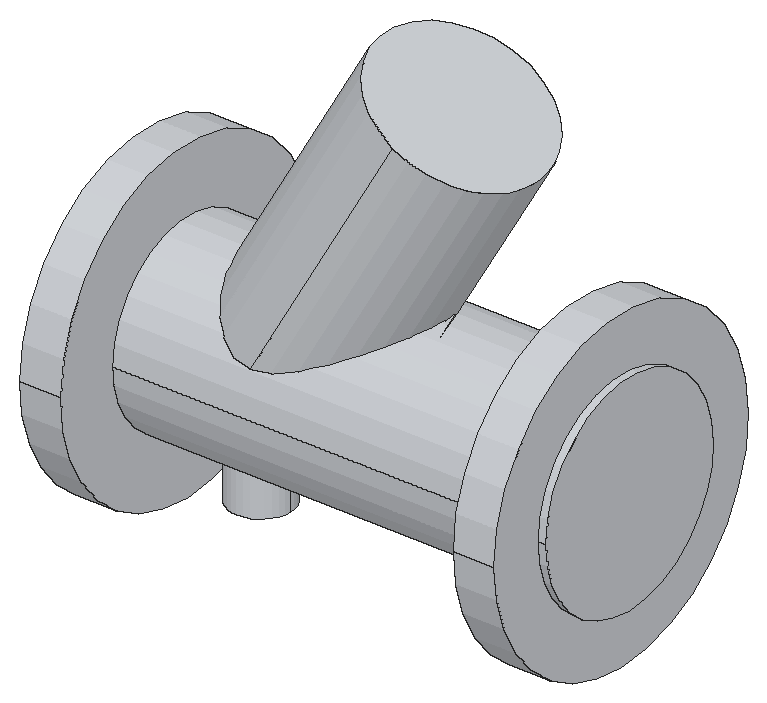
Revit family "HS 821-síto_standard-PN16-DN080-RFA_2019", category Pipe Accessories, Revit 2019
Family settings
  Round Connector Dimension = Use Diameter
  Part Type = Breaks Into
  Work Plane-Based = No
  Always vertical = Yes
  Cut with Voids When Loaded = No
  Shared = No
Parameters (values of type "821A-DN080-PN16-síto_standard")
  magiProductId = "a067f7c5236348ed8c820d16df7214"
  magiProductFamilyId = "79214ac3aaa945e397802f559f5c1e"
  magiPartTypeId = 307
  isMeasuringValve [instance] = no
  ang2D [instance] = 0.00°
  ZB__ve = -ZB  # -32 mm
  ZB1 = 53.46 mm
  ZB = 32 mm
  X2 = 104.753 mm
  X1 = 43.4 mm
  W2D = 15 mm
  VersionID = "2.0/2017.9.26.1/ZETKAMA_821_001"
  Use Minimum Symbol Size [instance] = yes
  URL = "www.hydronix.cz"
  Type Comments = "Filtr přírubový; síto standardní; A-PN16 (-10~300°C); D-PN25 (-10~350°C); F-PN40 (-10~400°C)"
  S = 132 mm
  QmdConnectorList = "301;D;302;D"
  Productdata [instance] = ""
  Manufacturer = "Hydronix"
  MC Product Code = "200 180 (821A; DN080; PN16; kvs147,4; oko síta 1,25mm)"
  LM1 = 24.8 mm
  LM = 248 mm
  L4 = 77.5 mm
  L2D_Min = 3048 mm
  L2D = 130 mm
  L2 = 155 mm
  HH2 = 181.438 mm
  FD = 200 mm
  Description = "Filtr přírubový; síto standardní; 821A-PN16; 821D-PN25; 821F-PN40"
  DM1 = 107.4 mm
  DM = 118.8 mm
  D = 80 mm
  CC = 5.27 mm
  CAT0 = yes
  C1 = 25.73 mm
  C = 31 mm
  BD = 37.422 mm
Types (40, lengths in mm): name | magiProductId | ZB__ve | ZB1 | ZB | X2 | X1 | S | MC Product Code | LM1 | LM | L4 | L2 | HH2 | FD | DM1 | DM | D | CC | C1 | C | BD
  821A-DN015-PN16-síto_standard | "a71bcfe8b393460598b23e8ddf7dc5" | -16.25 | 18.63 | 16.25 | 46.982 | 18.2 | 46 | "200 115 (821A; DN015; PN16; kvs6,3; oko síta 1,00mm)" | 10.4 | 104 | 32.5 | 65 | 81.375 | 95 | 27.6 | 41.4 | 15 | 2.21 | 10.79 | 13 | 13.041
  821A-DN020-PN16-síto_standard | "41cd6c7a12924f4991217528336076" | -17.75 | 22.68 | 17.75 | 51.673 | 21 | 56 | "200 120 (821A; DN020; PN16; kvs11,2; oko síta 1,00mm)" | 12 | 120 | 37.5 | 75 | 89.5 | 105 | 33.6 | 50.4 | 20 | 2.55 | 12.45 | 15 | 15.876
  821A-DN025-PN16-síto_standard | "be378b463ed14c3abf4c9b3ae8cf3a" | -19.25 | 26.325 | 19.25 | 58.601 | 22.4 | 65 | "200 125 (821A; DN025; PN16; kvs14,7; oko síta 1,00mm)" | 12.8 | 128 | 40 | 80 | 101.5 | 115 | 43.2 | 58.5 | 25 | 2.72 | 13.28 | 16 | 18.427
  821A-DN032-PN16-síto_standard | "227a0d18b21540afabe8b6067d35fa" | -23 | 30.78 | 23 | 68.849 | 25.2 | 76 | "200 132 (821A; DN032; PN16; kvs23,7; oko síta 1,00mm)" | 14.4 | 144 | 45 | 90 | 119.25 | 140 | 50.4 | 68.4 | 32 | 3.06 | 14.94 | 18 | 21.546
  821A-DN040-PN16-síto_standard | "d106917c74724141a10440112d0102" | -24.5 | 34.02 | 24.5 | 75.777 | 28 | 84 | "200 140 (821A; DN040; PN16; kvs37,7; oko síta 1,00mm)" | 16 | 160 | 50 | 100 | 131.25 | 150 | 60 | 75.6 | 40 | 3.4 | 16.6 | 20 | 23.814
  821A-DN050-PN16-síto_standard | "8255d456a09e4f6486734f5dd9171b" | -26.75 | 40.095 | 26.75 | 79.061 | 32.2 | 99 | "200 150 (821A; DN050 PN16; kvs57,9; oko síta 1,00mm)" | 18.4 | 184 | 57.5 | 115 | 136.938 | 165 | 73.8 | 89.1 | 50 | 3.91 | 19.09 | 23 | 28.066
  821A-DN065-PN16-síto_standard | "235b1b3e4c0843779a4d5e3716d40a" | -29.75 | 47.79 | 29.75 | 86.927 | 40.6 | 118 | "200 165 (821A; DN065; PN16; kvs101,5; oko síta 1,25mm)" | 23.2 | 232 | 72.5 | 145 | 150.562 | 185 | 94.2 | 106.2 | 65 | 4.93 | 24.07 | 29 | 33.453
  821A-DN080-PN16-síto_standard | "a067f7c5236348ed8c820d16df7214" | -32 | 53.46 | 32 | 104.753 | 43.4 | 132 | "200 180 (821A; DN080; PN16; kvs147,4; oko síta 1,25mm)" | 24.8 | 248 | 77.5 | 155 | 181.438 | 200 | 107.4 | 118.8 | 80 | 5.27 | 25.73 | 31 | 37.422
  821A-DN100-PN16-síto_standard | "c49a648c2747461285837d643703cd" | -35 | 63.18 | 35 | 114.857 | 49 | 156 | "200 190 (821A; DN100; PN16; kvs209,6; oko síta 1,60mm)" | 28 | 280 | 87.5 | 175 | 198.937 | 220 | 131.4 | 140.4 | 100 | 5.95 | 29.05 | 35 | 44.226
  821A-DN125-PN16-síto_standard | "bf68e728a163493cbd2a663b26ebdc" | -39.5 | 74.52 | 39.5 | 131.888 | 56 | 184 | "200 191 (821A; DN125; PN16; kvs326,2; oko síta 1,60mm)" | 32 | 320 | 100 | 200 | 228.438 | 250 | 165 | 165.6 | 125 | 6.8 | 33.2 | 40 | 52.164
  821A-DN150-PN16-síto_standard | "2de770284b654863ae6bc865769dc5" | -44.75 | 85.455 | 44.75 | 155.885 | 67.2 | 211 | "200 192 (821A; DN150; PN16; kvs403; oko síta 1,60mm)" | 38.4 | 384 | 120 | 240 | 270 | 285 | 192 | 189.9 | 150 | 8.16 | 39.84 | 48 | 59.818
  821A-DN200-PN16-síto_standard | "8e5693371ab64aabb29a7f08c76e15" | -53 | 107.73 | 53 | 188.361 | 84 | 266 | "200 193 (821A; DN200; PN16; kvs707; oko síta 1,60mm)" | 48 | 480 | 150 | 300 | 326.25 | 340 | 252 | 239.4 | 200 | 10.2 | 49.8 | 60 | 75.411
  821A-DN250-PN16-síto_standard | "05e37ed948c34047acdd4c42556504" | -62.75 | 129.195 | 62.75 | 255.911 | 102.2 | 319 | "200 194 (821A; DN250; PN16; kvs1234; oko síta 1,60mm)" | 58.4 | 584 | 182.5 | 365 | 443.25 | 405 | 309.6 | 287.1 | 250 | 12.41 | 60.59 | 73 | 90.436
  821A-DN300-PN16-síto_standard | "9ad0af747269428da925480d83ce80" | -71 | 149.85 | 71 | 325.914 | 119 | 370 | "200 195 (821A; DN300; PN16; kvs1916; oko síta 1,60mm)" | 68 | 680 | 212.5 | 425 | 564.5 | 460 | 369.6 | 333 | 300 | 14.45 | 70.55 | 85 | 104.895
  821A-DN350-PN16-síto_standard | "eebc71459bb3451bb4355e7951370a" | -80 | 173.745 | 80 | 356.875 | 137.2 | 429 | "200 196 (821A; DN350; PN16; kvs2621; oko síta 1,60mm)" | 78.4 | 784 | 245 | 490 | 618.125 | 520 | 438 | 386.1 | 350 | 16.66 | 81.34 | 98 | 121.621
  821A-DN400-PN16-síto_standard | "d2f677cb196647e385b2590e7d8abe" | -89 | 194.4 | 89 | 392.237 | 154 | 480 | "200 197 (821A; DN400; PN16; kvs3460; oko síta 1,60mm)" | 88 | 880 | 275 | 550 | 679.375 | 580 | 498 | 432 | 400 | 18.7 | 91.3 | 110 | 136.08
  821D-DN015-PN25-síto_standard | "27ddcbf555414f8ca1fde329bf9087" | -16.25 | 18.63 | 16.25 | 46.982 | 18.2 | 46 | "200 215 (821D; DN015; PN25; kvs6,3; oko síta 1,00mm)" | 10.4 | 104 | 32.5 | 65 | 81.375 | 95 | 27.6 | 41.4 | 15 | 2.21 | 10.79 | 13 | 13.041
  821D-DN020-PN25-síto_standard | "270e0f14012f47189cd0235c18faee" | -17.75 | 22.68 | 17.75 | 51.673 | 21 | 56 | "200 220 (821D; DN020; PN25; kvs11,2; oko síta 1,00mm)" | 12 | 120 | 37.5 | 75 | 89.5 | 105 | 33.6 | 50.4 | 20 | 2.55 | 12.45 | 15 | 15.876
  821D-DN025-PN25-síto_standard | "b9a7fb4aa36643878c637d8e1ab992" | -19.25 | 26.325 | 19.25 | 58.601 | 22.4 | 65 | "200 225 (821D; DN025; PN25; kvs14,7; oko síta 1,00mm)" | 12.8 | 128 | 40 | 80 | 101.5 | 115 | 43.2 | 58.5 | 25 | 2.72 | 13.28 | 16 | 18.427
  821D-DN032-PN25-síto_standard | "6be9a55c4e68400f94eec7e804204c" | -23 | 30.78 | 23 | 68.849 | 25.2 | 76 | "200 232 (821D; DN032; PN25; kvs23,7; oko síta 1,00mm)" | 14.4 | 144 | 45 | 90 | 119.25 | 140 | 50.4 | 68.4 | 32 | 3.06 | 14.94 | 18 | 21.546
  821D-DN040-PN25-síto_standard | "c54511bd7f584ec2984291479612cb" | -24.5 | 34.02 | 24.5 | 75.777 | 28 | 84 | "200 240 (821D; DN040; PN25; kvs37,7; oko síta 1,00mm)" | 16 | 160 | 50 | 100 | 131.25 | 150 | 60 | 75.6 | 40 | 3.4 | 16.6 | 20 | 23.814
  821D-DN050-PN25-síto_standard | "5483b1f596b04cd39b23a14a22c90e" | -26.75 | 40.095 | 26.75 | 79.061 | 32.2 | 99 | "200 250 (821D; DN050; PN25; kvs57,9; oko síta 1,00mm)" | 18.4 | 184 | 57.5 | 115 | 136.938 | 165 | 73.8 | 89.1 | 50 | 3.91 | 19.09 | 23 | 28.066
  821D-DN065-PN25-síto_standard | "767b0f8318e94750bc7a9930ed5b30" | -29.75 | 47.79 | 29.75 | 86.927 | 40.6 | 118 | "200 265 (821D; DN065; PN25; kvs101,5; oko síta 1,25mm)" | 23.2 | 232 | 72.5 | 145 | 150.562 | 185 | 94.2 | 106.2 | 65 | 4.93 | 24.07 | 29 | 33.453
  821D-DN080-PN25-síto_standard | "e21040fa3cc2404b858198f6b73709" | -32 | 53.46 | 32 | 104.753 | 43.4 | 132 | "200 280 (821D; DN080; PN25; kvs147,4; oko síta 1,25mm)" | 24.8 | 248 | 77.5 | 155 | 181.438 | 200 | 107.4 | 118.8 | 80 | 5.27 | 25.73 | 31 | 37.422
  821D-DN100-PN25-síto_standard | "175ca87a506b40b3bc6b82f12f33cf" | -37.25 | 63.18 | 37.25 | 114.857 | 49 | 156 | "200 290 (821D; DN100; PN25; kvs209,6; oko síta 1,60mm)" | 28 | 280 | 87.5 | 175 | 198.937 | 235 | 131.4 | 140.4 | 100 | 5.95 | 29.05 | 35 | 44.226
  821D-DN125-PN25-síto_standard | "77cc98d60da24855999a22dff726b2" | -42.5 | 74.52 | 42.5 | 131.888 | 56 | 184 | "200 291 (821D; DN125; PN25; kvs326,2; oko síta 1,60mm)" | 32 | 320 | 100 | 200 | 228.438 | 270 | 165 | 165.6 | 125 | 6.8 | 33.2 | 40 | 52.164
  821D-DN150-PN25-síto_standard | "9cf8acfcd15547d68e83172d3abcbe" | -47 | 85.455 | 47 | 155.885 | 67.2 | 211 | "200 292 (821D; DN150; PN25; kvs403; oko síta 1,60mm)" | 38.4 | 384 | 120 | 240 | 270 | 300 | 192 | 189.9 | 150 | 8.16 | 39.84 | 48 | 59.818
  821D-DN200-PN25-síto_standard | "16973f3c9ea14389ba8602495a6b64" | -56 | 110.97 | 56 | 188.361 | 84 | 274 | "200 293 (821D; DN200; PN25; kvs707; oko síta 1,60mm)" | 48 | 480 | 150 | 300 | 326.25 | 360 | 252 | 246.6 | 200 | 10.2 | 49.8 | 60 | 77.679
  821F-DN015-PN40-síto_standard | "4c7eaf3c4c0340888b3e684d8a8616" | -16.25 | 18.225 | 16.25 | 46.982 | 18.2 | 45 | "240 615 (821F; DN015; PN40; kvs6,3; oko síta 1,00mm)" | 10.4 | 104 | 32.5 | 65 | 81.375 | 95 | 27.6 | 40.5 | 15 | 2.21 | 10.79 | 13 | 12.757
  821F-DN020-PN40-síto_standard | "aaac5f1ec96b44d6ba96ac2293d66d" | -17.75 | 23.49 | 17.75 | 51.673 | 21 | 58 | "240 620 (821F; DN020; PN40; kvs11,2; oko síta 1,00mm)" | 12 | 120 | 37.5 | 75 | 89.5 | 105 | 33.6 | 52.2 | 20 | 2.55 | 12.45 | 15 | 16.443
  821F-DN025-PN40-síto_standard | "504768023968471481789485b54c7e" | -19.25 | 27.54 | 19.25 | 58.601 | 22.4 | 68 | "240 625 (821F; DN025; PN40; kvs14,7; oko síta 1,00mm)" | 12.8 | 128 | 40 | 80 | 101.5 | 115 | 43.2 | 61.2 | 25 | 2.72 | 13.28 | 16 | 19.278
  821F-DN032-PN40-síto_standard | "165e7f39cf744f329bdf1c400dad12" | -23 | 31.59 | 23 | 68.849 | 25.2 | 78 | "240 632 (821F; DN032; PN40; kvs23,7; oko síta 1,00mm)" | 14.4 | 144 | 45 | 90 | 119.25 | 140 | 50.4 | 70.2 | 32 | 3.06 | 14.94 | 18 | 22.113
  821F-DN040-PN40-síto_standard | "b8903f952089408fbf3a5a632bab1f" | -24.5 | 35.64 | 24.5 | 75.777 | 28 | 88 | "240 640 (821F; DN040; PN40; kvs37,7; oko síta 1,00mm)" | 16 | 160 | 50 | 100 | 131.25 | 150 | 60 | 79.2 | 40 | 3.4 | 16.6 | 20 | 24.948
  821F-DN050-PN40-síto_standard | "c451f97266fe48da8f879cb6a2bd44" | -26.75 | 41.31 | 26.75 | 79.061 | 32.2 | 102 | "240 650 (821F; DN050; PN40; kvs57,9; oko síta 1,00mm)" | 18.4 | 184 | 57.5 | 115 | 136.938 | 165 | 73.8 | 91.8 | 50 | 3.91 | 19.09 | 23 | 28.917
  821F-DN065-PN40-síto_standard | "dc9821e3f9b34e128f6a8c6b34c198" | -29.75 | 49.41 | 29.75 | 86.927 | 40.6 | 122 | "240 665 (821F; DN065; PN40; kvs101,5; oko síta 1,25mm)" | 23.2 | 232 | 72.5 | 145 | 150.562 | 185 | 94.2 | 109.8 | 65 | 4.93 | 24.07 | 29 | 34.587
  821F-DN080-PN40-síto_standard | "689aa1e260f84cf4994f027a1d86b5" | -32 | 55.89 | 32 | 104.753 | 43.4 | 138 | "240 680 (821F; DN080; PN40; kvs147,4; oko síta 1,25mm)" | 24.8 | 248 | 77.5 | 155 | 181.438 | 200 | 107.4 | 124.2 | 80 | 5.27 | 25.73 | 31 | 39.123
  821F-DN100-PN40-síto_standard | "8a45d4e8e2ab425f8c432f21d684f3" | -37.25 | 65.61 | 37.25 | 114.857 | 49 | 162 | "240 690 (821F; DN100; PN40; kvs209,6; oko síta 1,6mm)" | 28 | 280 | 87.5 | 175 | 198.937 | 235 | 131.4 | 145.8 | 100 | 5.95 | 29.05 | 35 | 45.927
  821F-DN125-PN40-síto_standard | "cf073904c006406b8645afa67ea2fc" | -42.5 | 76.14 | 42.5 | 131.888 | 56 | 188 | "240 691 (821F; DN125; PN40; kvs326,2; oko síta 1,6mm)" | 32 | 320 | 100 | 200 | 228.438 | 270 | 165 | 169.2 | 125 | 6.8 | 33.2 | 40 | 53.298
  821F-DN150-PN40-síto_standard | "0153b9ddabe14992a630484929fdbc" | -47 | 88.29 | 47 | 155.885 | 67.2 | 218 | "240 692 (821F; DN150; PN40; kvs403; oko síta 1,6mm)" | 38.4 | 384 | 120 | 240 | 270 | 300 | 192 | 196.2 | 150 | 8.16 | 39.84 | 48 | 61.803
  821F-DN200-PN40-síto_standard | "7fb3fc01dd8d42428c203e3f8dd4d5" | -56 | 115.425 | 56 | 188.361 | 84 | 285 | "240 693 (821F; DN200; PN40; kvs707; oko síta 1,6mm)" | 48 | 480 | 150 | 300 | 326.25 | 360 | 252 | 256.5 | 200 | 10.2 | 49.8 | 60 | 80.797
Reference planes
  plane 1 "Center (Front/Back)": y = 0
  plane 2 "XYPLANE": z = 0
  plane 3 "Center (Left/Right)": x = 0
  plane 4 "109": x = -99.2
  plane 5 "108": x = 124
  plane 6 "107": x = -124
  plane 7 "105": x = 155
  plane 8 "104": x = -155
  plane 9 "103": y = 0
  plane 10 "102": z = 0
  plane 11 "101": x = -149.73
  plane 12 "100": x = 149.73
  plane 13 "11": x = -55.8
  plane 14 "10": z = 181.438
  plane 15 "9": x = 48.953
  plane 16 "5": z = -53.46
  plane 17 "4": x = -77.5
  plane 18 "1": x = 77.5
Forms (mm)
  Extrusion 1, solid, visible <- "CAT0"
    sketch origin (-124, -750, 0) x (0, 1, 0) y (0, 0, 1)
      loop
        circle (750, 0) r 59.4
    from 0 to 248 <- "LM"
  Extrusion 2, solid
    sketch origin (-155, -750, 0) x (0, 1, 0) y (0, 0, 1)
      loop
        circle (750, 0) r 66
    from 0 to 5.27 <- "CC"
  Extrusion 3, solid
    sketch origin (-149.73, -750, 0) x (0, 1, 0) y (0, 0, 1)
      loop
        circle (750, 0) r 100
    from 0 to 25.73 <- "C1"
  Extrusion 4, solid
    sketch origin (124, -750, 0) x (0, 1, 0) y (0, 0, 1)
      loop
        circle (750, 0) r 100
    from 0 to 25.73 <- "C1"
  Extrusion 5, solid
    sketch origin (149.73, -750, 0) x (0, 1, 0) y (0, 0, 1)
      loop
        circle (750, 0) r 66
    from 0 to 5.27 <- "CC"
  Sweep 6, solid, visible <- "CAT0"
    path origin (750, 0, 0) x (-1, 0, 0) y (0, 0, 1)
      loop
        line (874, 0) -> (805.8, 0) -> (701.047, 181.438)
    profile origin (-124, 0, 0) x (0, 0, -1) y (0, 1, 0)
      loop
        circle (0, 0) r 53.7
  Extrusion 7, solid, visible <- "CAT0"
    sketch origin (-750, 0, -53.46) x (1, 0, 0) y (0, 1, 0)
      loop
        circle (672.5, 0) r 18.711
    from 0 to -32 <- "ZB__ve"
  Extrusion 8, solid, visible <- "CAT0"
    sketch origin (-750, 0, -53.46) x (1, 0, 0) y (0, 1, 0)
      loop
        circle (827.5, 0) r 18.711
    from 0 to -32 <- "ZB__ve"
  Extrusion 9, solid, not visible
    sketch origin (155, -750, 0) x (0, 1, 0) y (0, 0, 1)
      loop
        circle (750, 0) r 10
    from 0 to -10
  Extrusion 10, solid, not visible
    sketch origin (-155, -750, 0) x (0, 1, 0) y (0, 0, 1)
      loop
        circle (750, 0) r 10
    from 0 to 10
Lines and regions (mm)
  reference lines, not visible
    curve 1: circle (2, 2, 0) r 1 normal (0, 0, 1)
Dimensions and locks
  plane 1 "Center (Front/Back)" to curve 1 = 2 mm
  "LM1": plane 6 "107" to plane 4 "109"
  "LM": plane 6 "107" to plane 5 "108"
  "C": plane 8 "104" to plane 6 "107"
  "L2": plane 3 "Center (Left/Right)" to plane 7 "105"
  "L2": plane 3 "Center (Left/Right)" to plane 8 "104"
  locked: plane 1 "Center (Front/Back)" to plane 9 "103"
  locked: plane 2 "XYPLANE" to plane 10 "102"
  "CC": plane 8 "104" to plane 11 "101"
  "C1": plane 5 "108" to plane 12 "100"
  "X1": plane 4 "109" to plane 13 "11"
  "HH2": plane 2 "XYPLANE" to plane 14 "10"
  "X2": plane 13 "11" to plane 15 "9"
  "ZB1": plane 2 "XYPLANE" to plane 16 "5"
  "L4": plane 8 "104" to plane 17 "4"
  "L2": plane 17 "4" to plane 18 "1"
  Sweep 6 sketch curve to Sweep 6 sketch curve = 0 mm  (x2)
  "DM": diameter of Extrusion 1 sketch curve
  "S": diameter of Extrusion 2 sketch curve
  "FD": diameter of Extrusion 3 sketch curve
  "FD": diameter of Extrusion 4 sketch curve
  "S": diameter of Extrusion 5 sketch curve
  "DM1": diameter of Sweep 6 sketch curve
  "BD": diameter of Extrusion 7 sketch curve
  "BD": diameter of Extrusion 8 sketch curve
  aligned and locked: level to plane 2 "XYPLANE"
  aligned and locked: Extrusion 1 sketch curve to plane 9 "103"
  aligned and locked: plane 10 "102" to Extrusion 1 sketch curve
  aligned and locked: Extrusion 2 sketch curve to plane 9 "103"
  aligned and locked: plane 10 "102" to Extrusion 2 sketch curve
  aligned and locked: Extrusion 3 sketch curve to plane 9 "103"
  aligned and locked: plane 10 "102" to Extrusion 3 sketch curve
  aligned and locked: Extrusion 4 sketch curve to plane 9 "103"
  aligned and locked: plane 10 "102" to Extrusion 4 sketch curve
  aligned and locked: Extrusion 5 sketch curve to plane 9 "103"
  aligned and locked: plane 10 "102" to Extrusion 5 sketch curve
  aligned and locked: Sweep 6 sketch curve to plane 9 "103"
  aligned and locked: plane 10 "102" to Sweep 6 sketch curve  (x3)
  aligned and locked: plane 6 "107" to Sweep 6 sketch curve
  aligned and locked: plane 13 "11" to Sweep 6 sketch curve
  aligned and locked: plane 14 "10" to Sweep 6 sketch curve
  aligned and locked: plane 15 "9" to Sweep 6 sketch curve
  aligned and locked: plane 9 "103" to Extrusion 7 sketch curve
  aligned and locked: plane 17 "4" to Extrusion 7 sketch curve
  aligned and locked: plane 9 "103" to Extrusion 8 sketch curve
  aligned and locked: plane 18 "1" to Extrusion 8 sketch curve
  aligned and locked: Extrusion 9 sketch curve to plane 9 "103"
  aligned and locked: plane 10 "102" to Extrusion 9 sketch curve
  aligned and locked: Extrusion 10 sketch curve to plane 9 "103"
  aligned and locked: plane 10 "102" to Extrusion 10 sketch curve
Automatic sketch dimensions
  plane 1 "Center (Front/Back)" to Extrusion 9 sketch curve = 10 mm
  plane 1 "Center (Front/Back)" to Extrusion 10 sketch curve = 10 mm
  plane 3 "Center (Left/Right)" to curve 1 = 2 mm
  radius of curve 1 = 1 mm
Connectors
  piping at (-155, 0, 0), diameter 80, driven by "D"
    settings: on Extrusion 10, index 1, connector inside diameter 609.6 mm, connector length 0 mm, flow factor 0, pipe flow 0.0 L/s, pressure drop 0.0 Pa, fitting loss kfactor 0, connector angle 0.00°, fixture units 0, engagement length 0 mm, angle of deflection 0.00°, flow configuration 0, flow direction 0, fitting loss method 0, system type 29, joint type 0, gender type 0, connector reference index 2, connector utility 0, adjustable connector no, is connector primary yes, connector description ""
  piping at (155, 0, 0), diameter 80, driven by "D"
    settings: on Extrusion 9, index 2, connector inside diameter 609.6 mm, connector length 0 mm, flow factor 0, pipe flow 0.0 L/s, pressure drop 0.0 Pa, fitting loss kfactor 0, connector angle 0.00°, fixture units 0, engagement length 0 mm, angle of deflection 0.00°, flow configuration 0, flow direction 0, fitting loss method 0, system type 29, joint type 0, gender type 0, connector reference index 1, connector utility 0, adjustable connector no, is connector primary no, connector description ""
